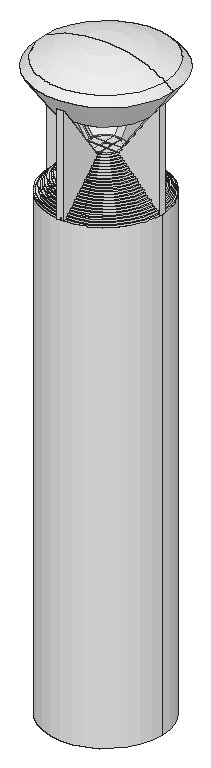
Revit family "GEM1", category Lighting Fixtures, host Face, Revit 2013
Parameters (values of type "GEM1_Performance_Bollard")
  Wattage Comments = "21W to 41W"  # constant formula
  Wattage = 9.2903 W
  built-in parameter 1150110 = 1 (stored number, unit not read)
  Voltage = 120 V
  URL = "www.kimlighting.com/"
  Type Comments = "Lighting Fixture"  # constant formula
  built-in parameter 1114217 = 1 (stored number, unit not read)
  Tilt Angle = 90.00°
  built-in parameter 1150109 = 1 (stored number, unit not read)
  built-in parameter 1150134 = 3
  built-in parameter 1150113 = 1 (stored number, unit not read)
  Shaft Material = Metal-Kim Lighting-Aluminum Alloy
  Shaft Height = Overall Height - 9 1/2"  # 33"
  Series = "Low Level LED Bollard"  # constant formula
  Revision Date = "01/11/17"  # constant formula
  Product Page URL = "http://www.kimlighting.com/products/gem_performance_bollards"
  Product Documentation Link = "http://www.kimlighting.com/content/products/psg/psg_files/kim_gemled_psg.pdf"
  Power Factor = 1  # constant formula
  Photometric Web Link = "http://www.kimlighting.com/products/gem_performance_bollards"
  Photometric Web File = "gem1-18l3k.ies"
  Photometric Notes = "More IES files download on Photometric Web Link"  # constant formula
  Overall Height = 42 1/2"
  OmniClass Title = "Lighting Bollard"  # constant formula
  OmniClass Number = "23.80.70.14.11.11"  # constant formula
  Number of Poles = 1
  Note Visible = yes
  Note Text = "LF"  # constant formula
  Model = "GEM1"  # constant formula
  MasterFormat Title = "Parking Lighting, Roadway Lighting, Site Lighting"  # constant formula
  Manufacturer Phone = "626-968-5666"  # constant formula
  Manufacturer Fax = "626-369-2695"  # constant formula
  Manufacturer = "KIM Lighting"  # constant formula
  built-in parameter 1150105 = 109.82 (stored number, unit not read)
  Lumens = 1380 lm
  built-in parameter 1150115 = 1 (stored number, unit not read)
  Load Classification = Lighting
  built-in parameter 1150137 = (empty or 0)
  built-in parameter 1150139 = (empty or 0)
  built-in parameter 1150112 = 1 (stored number, unit not read)
  built-in parameter 1150114 = 1 (stored number, unit not read)
  Lamp = "LED"  # constant formula
  built-in parameter 1150132 = (empty or 0)
  built-in parameter 1150102 = (empty or 0)
  built-in parameter 1150107 = 3200 (stored number, unit not read)
  built-in parameter 1150138 = (empty or 0)
  built-in parameter 1150106 = 1.0982 (stored number, unit not read)
  Housing material = Metal-Kim Lighting-Aluminum Alloy
  Glass Material = Glass-Kim Lighting-Clear
  Full Load Current = 0 A
  Finish = "All colors shall be a Super TGIC thermoset polyester powder coat paint"
  Emit from Circle Diameter = 6"  # constant formula
  Emit Shape Visible in Rendering = no
  built-in parameter 1150104 = 13.8 (stored number, unit not read)
  Dimming Lamp Color Temperature Shift = <None>
  Description = "Architectural Outdoor Lighting"  # constant formula
  Default Elevation = 0"
  Color Filter = 16777215
  built-in parameter 1114218 = 1 (stored number, unit not read)
  built-in parameter 1150133 = 10 (stored number, unit not read)
  Assembly Code = "D5020200"
  Apparent Load = 0 VA
Reference planes (in)
  plane 1 "Center (Front/Back)": y = 0
  plane 2: z = 0
  plane 3 "Center (Left/Right)": x = 0
  plane 4 "Top of Lamp": z = 42.5
  plane 5 "Top of Shaft": z = 33
  plane 6: z = 39
  plane 7: z = 36
  plane 8: z = 41
  plane 9: z = 41.5
  plane 10 "Left": x = -4.75
  plane 11 "Right": x = 4.75
  plane 12: x = -4
  plane 13: x = 4
  plane 14 "Back": y = 4
  plane 15 "Front": y = -4
  plane 16: z = 39.96678
Forms (in)
  Revolve 1, solid, material "Glass-Kim Lighting-Clear" <- "Glass Material", detail levels medium+fine
    sketch origin (0, 0, 0) x (1, 0, 0) y (0, 0, 1)
      loop
        line (-3.14579, 39) -> (-3.30018, 39) -> (-1.12546, 36) -> (-0.97107, 36) -> (-3.14579, 39)
      axis (0, 39) -> (0, 36)
    angle from 0 to 360
  Revolve 2, solid, material "Metal-Kim Lighting-Aluminum Alloy" <- "Housing material", detail levels medium+fine
    sketch origin (0, 0, 0) x (1, 0, 0) y (0, 0, 1)
      loop
        line (-3.30018, 39) -> (-2.99141, 39) -> (-4.42241, 40.97404) -> (-4.09888, 41.29442)
        arc (-4.09888, 41.29442) -> (-2.10905, 42.0275) -> (0, 42.24827) r 8.54897
        line (0, 42.24827) -> (0, 42.5)
        arc (0, 42.5) -> (-2.18564, 42.2672) -> (-4.24541, 41.5) r 8.79978
        line (-4.24541, 41.5) -> (-4.75, 41) -> (-3.30018, 39)
      axis (0, 42.5) -> (0, 39)
    angle from 0 to 360
  Extrusion 3, solid, material "Metal-Kim Lighting-Aluminum Alloy" <- "Housing material", detail levels fine
    sketch origin (0, 0, 0) x (0, 1, 0) y (0, 0, 1)
      loop
        line (4, 33) -> (4, 39.96678) -> (1.1263, 36) -> (-1.13812, 36) -> (-4, 39.96678) -> (-4, 33) -> (4, 33)
    from -0.25 to 0.25
  Extrusion 4, solid, material "Metal-Kim Lighting-Aluminum Alloy" <- "Housing material", detail levels fine
    sketch origin (0, 0, 0) x (1, 0, 0) y (0, 0, 1)
      loop
        line (-4, 33) -> (4, 33) -> (4, 39.96678) -> (1.12474, 36) -> (-1.12474, 36) -> (-4, 39.96678) -> (-4, 33)
    from -0.25 to 0.25
  Revolve 5, solid, material "Metal-Kim Lighting-Aluminum Alloy" <- "Housing material", detail levels coarse
    sketch origin (0, 0, 0) x (1, 0, 0) y (0, 0, 1)
      loop
        line (-4, 33) -> (0, 33) -> (0, 42.5) -> (-4.75, 41) -> (-1.10293, 36) -> (-4, 33)
      axis (0, 42.5) -> (0, 33)
    angle from 0 to 360
  Revolve 6, solid, material "Metal-Kim Lighting-Aluminum Alloy" <- "Shaft Material"
    sketch origin (0, 0, 0) x (1, 0, 0) y (0, 0, 1)
      loop
        line (-4, 33) -> (-4, 0) -> (0, 0) -> (0, 33) -> (-4, 33)
      axis (0, 33) -> (0, 0)
    angle from 0 to 360
  Sweep 7, solid, material "Metal-Kim Lighting-Aluminum Alloy" <- "Housing material", detail levels medium+fine
    path origin (0, 0, 33) x (0, 1, 0) y (-1, 0, 0)
      loop
        circle (0, 0) r 4
    profile origin (-4, 0, 33) x (1, 0, 0) y (0, 0, 1)
      loop
        line (0, 0) -> (3.75, 0) -> (3.75, 3) -> (2.87454, 3) -> (2.87454, 2.875) -> (2.75, 2.875) -> (2.75, 2.75) -> (2.625, 2.75) -> (2.625, 2.625) -> (2.5, 2.625) -> (2.5, 2.5) -> (2.375, 2.5) -> (2.375, 2.375) -> (2.25, 2.375) -> (2.25, 2.25) -> (2.125, 2.25) -> (2.125, 2.12795) -> (2, 2.12795) -> (2, 2) -> (1.875, 2) -> (1.875, 1.875) -> (1.75, 1.875) -> (1.75, 1.75) -> (1.625, 1.75) -> (1.625, 1.625) -> (1.5, 1.625) -> (1.5, 1.5) -> (1.375, 1.5) -> (1.375, 1.375) -> (1.25, 1.375) -> (1.25, 1.25) -> (1.125, 1.25) -> (1.125, 1.125) -> (1, 1.125) -> (1, 1) -> (0.875, 1) -> (0.875, 0.875) -> (0.75, 0.875) -> (0.75, 0.75) -> (0.625, 0.75) -> (0.625, 0.625) -> (0.5, 0.625) -> (0.5, 0.5) -> (0.375, 0.5) -> (0.375, 0.375) -> (0.25, 0.375) -> (0.25, 0.25) -> (0.125, 0.25) -> (0.125, 0.125) -> (0, 0.125) -> (0, 0)
Lines and regions (in)
  symbolic lines
    curve 1: arc (-4.75, 0, 42.5) -> (0, 4.75, 42.5) -> (4.75, 0, 42.5) r 4.75
    curve 2: arc (4.75, 0, 42.5) -> (0, -4.75, 42.5) -> (-4.75, 0, 42.5) r 4.75
    curve 7: line (-4, 0, 0) -> (-4, 0, 33)
    curve 8: line (-4, 0, 33) -> (4, 0, 33)
    curve 9: line (4, 0, 33) -> (4, 0, 0)
    curve 168: line (0, 4, 0) -> (0, 4, 33)
    curve 169: line (0, -4, 33) -> (0, -4, 0)
    curve 170: line (0, -4, 0) -> (0, 4, 0)
    curve 171: line (-4, 0, 0) -> (4, 0, 0)
    curve 194: line (0, 4, 33) -> (0, -4, 33)
  symbolic lines, detail levels medium+fine
    curve 3: arc (-4.25, 0, 42.5) -> (0, -4.25, 42.5) -> (4.25, 0, 42.5) r 4.25
    curve 4: arc (4.25, 0, 42.5) -> (0, 4.25, 42.5) -> (-4.25, 0, 42.5) r 4.25
    curve 15: line (-4.75, 0, 41) -> (-4.25, 0, 41.5)
    curve 16: arc (-4.25, 0, 41.5) -> (-2.18628, 0, 42.26044) -> (0, 0, 42.5) r 9.03986
    curve 17: line (1.12583, 0, 36) -> (4.75, 0, 41)
    curve 18: line (4.75, 0, 41) -> (4.25, 0, 41.5)
    curve 19: arc (4.25, 0, 41.5) -> (2.18628, 0, 42.26044) -> (0, 0, 42.5) r 9.03986
    curve 20: line (-4, 0, 39.96528) -> (-4, 0, 33)
    curve 21: line (4, 0, 39.96528) -> (4, 0, 33)
    curve 22: line (-0.25, 0, 39.96678) -> (-0.25, 0, 33)
    curve 23: line (-0.25, 0, 39.96678) -> (0.25, 0, 39.96678)
    curve 24: line (0.25, 0, 39.96678) -> (0.25, 0, 33)
    curve 25: line (-1.12583, 0, 36) -> (-4.75, 0, 41)
    curve 26: line (-1.12583, 0, 36) -> (-0.25, 0, 36)
    curve 27: line (0.25, 0, 36) -> (1.12583, 0, 36)
    curve 28: line (-4, 0, 33.125) -> (-3.875, 0, 33.125)
    curve 29: line (-3.875, 0, 33.125) -> (-3.875, 0, 33.25)
    curve 30: line (-3.875, 0, 33.25) -> (-3.74967, 0, 33.25)
    curve 31: line (-3.74967, 0, 33.25) -> (-3.74967, 0, 33.375)
    curve 32: line (-3.74967, 0, 33.375) -> (-3.62467, 0, 33.375)
    curve 33: line (-3.62467, 0, 33.375) -> (-3.62467, 0, 33.5)
    curve 34: line (-3.62467, 0, 33.5) -> (-3.49967, 0, 33.5)
    curve 35: line (-3.49967, 0, 33.5) -> (-3.49967, 0, 33.625)
    curve 36: line (-3.49967, 0, 33.625) -> (-3.37467, 0, 33.625)
    curve 37: line (-3.37467, 0, 33.625) -> (-3.37467, 0, 33.75)
    curve 38: line (-3.37467, 0, 33.75) -> (-3.24967, 0, 33.75)
    curve 39: line (-3.24967, 0, 33.75) -> (-3.24967, 0, 33.875)
    curve 40: line (-3.24967, 0, 33.875) -> (-3.12467, 0, 33.875)
    curve 41: line (-3.12467, 0, 33.875) -> (-3.12467, 0, 34.0013)
    curve 42: line (-3.12467, 0, 34.0013) -> (-3.00017, 0, 34.0013)
    curve 43: line (-3.00017, 0, 34.0013) -> (-3.00017, 0, 34.12817)
    curve 44: line (-3.00017, 0, 34.12817) -> (-2.8733, 0, 34.12817)
    curve 45: line (-2.8733, 0, 34.12817) -> (-2.8733, 0, 34.25202)
    curve 46: line (-2.8733, 0, 34.25202) -> (-2.74946, 0, 34.25202)
    curve 47: line (-2.74946, 0, 34.25202) -> (-2.74946, 0, 34.37737)
    curve 48: line (-2.74946, 0, 34.37737) -> (-2.62561, 0, 34.37737)
    curve 49: line (-2.62561, 0, 34.37737) -> (-2.62561, 0, 34.50273)
    curve 50: line (-2.62561, 0, 34.50273) -> (-2.49875, 0, 34.50273)
    curve 51: line (-2.49875, 0, 34.50273) -> (-2.49875, 0, 34.62959)
    curve 52: line (-2.49875, 0, 34.62959) -> (-2.37339, 0, 34.62959)
    curve 53: line (-2.37339, 0, 34.62959) -> (-2.37339, 0, 34.75646)
    curve 54: line (-2.37339, 0, 34.75646) -> (-2.24804, 0, 34.75646)
    curve 55: line (-2.24804, 0, 34.75646) -> (-2.24804, 0, 34.8803)
    curve 56: line (-2.24804, 0, 34.8803) -> (-2.12268, 0, 34.8803)
    curve 57: line (-2.12268, 0, 34.8803) -> (-2.12268, 0, 35.00415)
    curve 58: line (-2.12268, 0, 35.00415) -> (-1.99884, 0, 35.00415)
    curve 59: line (-1.99884, 0, 35.00415) -> (-1.99884, 0, 35.13056)
    curve 60: line (-1.99884, 0, 35.13056) -> (-1.87519, 0, 35.13056)
    curve 61: line (-1.87519, 0, 35.13056) -> (-1.87519, 0, 35.25591)
    curve 62: line (-1.87519, 0, 35.25591) -> (-1.74983, 0, 35.25591)
    curve 63: line (-1.74983, 0, 35.25591) -> (-1.74983, 0, 35.38278)
    curve 64: line (-1.74983, 0, 35.38278) -> (-1.62297, 0, 35.38278)
    curve 65: line (-1.62297, 0, 35.38278) -> (-1.62297, 0, 35.50662)
    curve 66: line (-1.62297, 0, 35.50662) -> (-1.4961, 0, 35.50662)
    curve 67: line (-1.4961, 0, 35.50662) -> (-1.4961, 0, 35.63349)
    curve 68: line (-1.4961, 0, 35.63349) -> (-1.37225, 0, 35.63349)
    curve 69: line (-1.37225, 0, 35.63349) -> (-1.37225, 0, 35.75884)
    curve 70: line (-1.37225, 0, 35.75884) -> (-1.2469, 0, 35.75884)
    curve 71: line (-1.2469, 0, 35.75884) -> (-1.2469, 0, 35.88571)
    curve 72: line (-1.2469, 0, 35.88571) -> (-1.12003, 0, 35.88571)
    curve 73: line (-1.12003, 0, 35.88571) -> (-1.12003, 0, 36)
    curve 74: line (4, 0, 33.125) -> (3.875, 0, 33.125)
    curve 75: line (3.875, 0, 33.125) -> (3.875, 0, 33.25)
    curve 76: line (3.875, 0, 33.25) -> (3.74967, 0, 33.25)
    curve 77: line (3.74967, 0, 33.25) -> (3.74967, 0, 33.375)
    curve 78: line (3.74967, 0, 33.375) -> (3.62467, 0, 33.375)
    curve 79: line (3.62467, 0, 33.375) -> (3.62467, 0, 33.5)
    curve 80: line (3.62467, 0, 33.5) -> (3.49967, 0, 33.5)
    curve 81: line (3.49967, 0, 33.5) -> (3.49967, 0, 33.625)
    curve 82: line (3.49967, 0, 33.625) -> (3.37467, 0, 33.625)
    curve 83: line (3.37467, 0, 33.625) -> (3.37467, 0, 33.75)
    curve 84: line (3.37467, 0, 33.75) -> (3.24967, 0, 33.75)
    curve 85: line (3.24967, 0, 33.75) -> (3.24967, 0, 33.875)
    curve 86: line (3.24967, 0, 33.875) -> (3.12467, 0, 33.875)
    curve 87: line (3.12467, 0, 33.875) -> (3.12467, 0, 34.0013)
    curve 88: line (3.12467, 0, 34.0013) -> (3.00017, 0, 34.0013)
    curve 89: line (3.00017, 0, 34.0013) -> (3.00017, 0, 34.12817)
    curve 90: line (3.00017, 0, 34.12817) -> (2.8733, 0, 34.12817)
    curve 91: line (2.8733, 0, 34.12817) -> (2.8733, 0, 34.25202)
    curve 92: line (2.8733, 0, 34.25202) -> (2.74946, 0, 34.25202)
    curve 93: line (2.74946, 0, 34.25202) -> (2.74946, 0, 34.37737)
    curve 94: line (2.74946, 0, 34.37737) -> (2.62561, 0, 34.37737)
    curve 95: line (2.62561, 0, 34.37737) -> (2.62561, 0, 34.50273)
    curve 96: line (2.62561, 0, 34.50273) -> (2.49875, 0, 34.50273)
    curve 97: line (2.49875, 0, 34.50273) -> (2.49875, 0, 34.62959)
    curve 98: line (2.49875, 0, 34.62959) -> (2.37339, 0, 34.62959)
    curve 99: line (2.37339, 0, 34.62959) -> (2.37339, 0, 34.75646)
    curve 100: line (2.37339, 0, 34.75646) -> (2.24804, 0, 34.75646)
    curve 101: line (2.24804, 0, 34.75646) -> (2.24804, 0, 34.8803)
    curve 102: line (2.24804, 0, 34.8803) -> (2.12268, 0, 34.8803)
    curve 103: line (2.12268, 0, 34.8803) -> (2.12268, 0, 35.00415)
    curve 104: line (2.12268, 0, 35.00415) -> (1.99884, 0, 35.00415)
    curve 105: line (1.99884, 0, 35.00415) -> (1.99884, 0, 35.13056)
    curve 106: line (1.99884, 0, 35.13056) -> (1.87519, 0, 35.13056)
    curve 107: line (1.87519, 0, 35.13056) -> (1.87519, 0, 35.25591)
    curve 108: line (1.87519, 0, 35.25591) -> (1.74983, 0, 35.25591)
    curve 109: line (1.74983, 0, 35.25591) -> (1.74983, 0, 35.38278)
    curve 110: line (1.74983, 0, 35.38278) -> (1.62297, 0, 35.38278)
    curve 111: line (1.62297, 0, 35.38278) -> (1.62297, 0, 35.50662)
    curve 112: line (1.62297, 0, 35.50662) -> (1.4961, 0, 35.50662)
    curve 113: line (1.4961, 0, 35.50662) -> (1.4961, 0, 35.63349)
    curve 114: line (1.4961, 0, 35.63349) -> (1.37225, 0, 35.63349)
    curve 115: line (1.37225, 0, 35.63349) -> (1.37225, 0, 35.75884)
    curve 116: line (1.37225, 0, 35.75884) -> (1.2469, 0, 35.75884)
    curve 117: line (1.2469, 0, 35.75884) -> (1.2469, 0, 35.88571)
    curve 118: line (1.2469, 0, 35.88571) -> (1.12003, 0, 35.88571)
    curve 119: line (1.12003, 0, 35.88571) -> (1.12003, 0, 36)
    curve 179: line (0, 1.12496, 36) -> (0, 4.75, 41)
    curve 180: line (0, 4.75, 41) -> (0, 4.25, 41.5)
    curve 181: arc (0, 4.25, 41.5) -> (0, 2.188, 42.26777) -> (0, 0, 42.5) r 8.79971
    curve 182: line (0, -1.12496, 36) -> (0, -4.75, 41)
    curve 183: line (0, -4.75, 41) -> (0, -4.25, 41.5)
    curve 184: arc (0, -4.25, 41.5) -> (0, -2.188, 42.26777) -> (0, 0, 42.5) r 8.79971
    curve 185: line (0, 4, 39.96553) -> (0, 4, 33)
    curve 186: line (0, -4, 39.96553) -> (0, -4, 33)
    curve 187: line (0, 0.25, 40) -> (0, 0.25, 33)
    curve 188: line (0, 0.25, 40) -> (0, -0.25, 40)
    curve 189: line (0, -0.25, 40) -> (0, -0.25, 33)
    curve 195: line (0, 1.12496, 36) -> (0, 0.25, 36)
    curve 196: line (0, -0.25, 36) -> (0, -1.12496, 36)
    curve 243: line (0, 3.875, 33.25) -> (0, 3.875, 33.125)
    curve 244: line (0, 3.75, 33.375) -> (0, 3.75, 33.25)
    curve 245: line (0, 3.625, 33.5) -> (0, 3.625, 33.375)
    curve 246: line (0, 3.5, 33.625) -> (0, 3.5, 33.5)
    curve 247: line (0, 3.375, 33.75) -> (0, 3.375, 33.625)
    curve 248: line (0, 3.25, 33.875) -> (0, 3.25, 33.75)
    curve 249: line (0, 3.125, 34) -> (0, 3.125, 33.875)
    curve 250: line (0, 3, 34.125) -> (0, 3, 34)
    curve 251: line (0, 2.875, 34.25) -> (0, 2.875, 34.125)
    curve 252: line (0, 2.75, 34.375) -> (0, 2.75, 34.25)
    curve 253: line (0, 2.625, 34.5) -> (0, 2.625, 34.375)
    curve 254: line (0, 2.5, 34.625) -> (0, 2.5, 34.5)
    curve 255: line (0, 2.375, 34.75) -> (0, 2.375, 34.625)
    curve 256: line (0, 2.25, 34.875) -> (0, 2.25, 34.75)
    curve 257: line (0, 2.125, 35) -> (0, 2.125, 34.875)
    curve 258: line (0, 2, 35.12795) -> (0, 2, 35)
    curve 259: line (0, 1.875, 35.25) -> (0, 1.875, 35.12795)
    curve 260: line (0, 1.75, 35.375) -> (0, 1.75, 35.25)
    curve 261: line (0, 1.625, 35.5) -> (0, 1.625, 35.375)
    curve 262: line (0, 1.5, 35.625) -> (0, 1.5, 35.5)
    curve 263: line (0, 1.375, 35.75) -> (0, 1.375, 35.625)
    curve 264: line (0, 1.25, 35.875) -> (0, 1.25, 35.75)
    curve 265: line (0, 1.12496, 36) -> (0, 1.12496, 35.875)
    curve 289: line (0, -3.875, 33.25) -> (0, -3.875, 33.125)
    curve 290: line (0, -3.75, 33.375) -> (0, -3.75, 33.25)
    curve 291: line (0, -3.625, 33.5) -> (0, -3.625, 33.375)
    curve 292: line (0, -3.5, 33.625) -> (0, -3.5, 33.5)
    curve 293: line (0, -3.375, 33.75) -> (0, -3.375, 33.625)
    curve 294: line (0, -3.25, 33.875) -> (0, -3.25, 33.75)
    curve 295: line (0, -3.125, 34) -> (0, -3.125, 33.875)
    curve 296: line (0, -3, 34.125) -> (0, -3, 34)
    curve 297: line (0, -2.875, 34.25) -> (0, -2.875, 34.125)
    curve 298: line (0, -2.75, 34.375) -> (0, -2.75, 34.25)
    curve 299: line (0, -2.625, 34.5) -> (0, -2.625, 34.375)
    curve 300: line (0, -2.5, 34.625) -> (0, -2.5, 34.5)
    curve 301: line (0, -2.375, 34.75) -> (0, -2.375, 34.625)
    curve 302: line (0, -2.25, 34.875) -> (0, -2.25, 34.75)
    curve 303: line (0, -2.125, 35) -> (0, -2.125, 34.875)
    curve 304: line (0, -2, 35.12795) -> (0, -2, 35)
    curve 305: line (0, -1.875, 35.25) -> (0, -1.875, 35.12795)
    curve 306: line (0, -1.75, 35.375) -> (0, -1.75, 35.25)
    curve 307: line (0, -1.625, 35.5) -> (0, -1.625, 35.375)
    curve 308: line (0, -1.5, 35.625) -> (0, -1.5, 35.5)
    curve 309: line (0, -1.375, 35.75) -> (0, -1.375, 35.625)
    curve 310: line (0, -1.25, 35.875) -> (0, -1.25, 35.75)
    curve 311: line (0, -1.12496, 36) -> (0, -1.12496, 35.875)
  symbolic lines, detail levels coarse
    curve 5: line (3.35876, -3.35876, 42.5) -> (-3.35876, 3.35876, 42.5)
    curve 6: line (-3.35876, -3.35876, 42.5) -> (3.35876, 3.35876, 42.5)
    curve 10: line (-4, 0, 33) -> (-4, 0, 42.5)
    curve 11: line (-4, 0, 42.5) -> (4, 0, 42.5)
    curve 12: line (4, 0, 42.5) -> (4, 0, 33)
    curve 13: line (-4, 0, 42.5) -> (4, 0, 33)
    curve 14: line (-4, 0, 33) -> (4, 0, 42.5)
    curve 174: line (0, 4, 33) -> (0, 4, 42.5)
    curve 175: line (0, 4, 42.5) -> (0, -4, 42.5)
    curve 176: line (0, -4, 42.5) -> (0, -4, 33)
    curve 177: line (0, 4, 42.5) -> (0, -4, 33)
    curve 178: line (0, -4, 42.5) -> (0, 4, 33)
  symbolic lines, detail levels fine
    curve 120: line (-4.25, 0, 41.5) -> (4.25, 0, 41.5)
    curve 121: line (-4.75, 0, 41) -> (4.75, 0, 41)
    curve 122: line (-1.12003, 0, 35.88571) -> (-0.25, 0, 35.88571)
    curve 123: line (-1.2469, 0, 35.75884) -> (-0.25, 0, 35.75884)
    curve 124: line (-1.37225, 0, 35.63349) -> (-0.25, 0, 35.63349)
    curve 125: line (-1.4961, 0, 35.50662) -> (-0.25, 0, 35.50662)
    curve 126: line (-1.62297, 0, 35.38278) -> (-0.25, 0, 35.38278)
    curve 127: line (-1.74983, 0, 35.25591) -> (-0.25, 0, 35.25591)
    curve 128: line (-1.87519, 0, 35.13056) -> (-0.25, 0, 35.13056)
    curve 129: line (-1.99884, 0, 35.00415) -> (-0.25, 0, 35.00415)
    curve 130: line (-2.12268, 0, 34.8803) -> (-0.25, 0, 34.8803)
    curve 131: line (-2.24804, 0, 34.75646) -> (-0.25, 0, 34.75646)
    curve 132: line (-2.37339, 0, 34.62959) -> (-0.25, 0, 34.62959)
    curve 133: line (-2.49875, 0, 34.50273) -> (-0.25, 0, 34.50273)
    curve 134: line (-2.62561, 0, 34.37737) -> (-0.25, 0, 34.37737)
    curve 135: line (-2.74946, 0, 34.25202) -> (-0.25, 0, 34.25202)
    curve 136: line (-2.8733, 0, 34.12817) -> (-0.25, 0, 34.12817)
    curve 137: line (-3.00017, 0, 34.0013) -> (-0.25, 0, 34.0013)
    curve 138: line (-3.12467, 0, 33.875) -> (-0.25, 0, 33.875)
    curve 139: line (-3.24967, 0, 33.75) -> (-0.25, 0, 33.75)
    curve 140: line (-3.37467, 0, 33.625) -> (-0.25, 0, 33.625)
    curve 141: line (-3.49967, 0, 33.5) -> (-0.25, 0, 33.5)
    curve 142: line (-3.62467, 0, 33.375) -> (-0.25, 0, 33.375)
    curve 143: line (-3.74967, 0, 33.25) -> (-0.25, 0, 33.25)
    curve 144: line (-3.875, 0, 33.125) -> (-0.25, 0, 33.125)
    curve 145: line (1.12003, 0, 35.88571) -> (0.25, 0, 35.88571)
    curve 146: line (1.2469, 0, 35.75884) -> (0.25, 0, 35.75884)
    curve 147: line (1.37225, 0, 35.63349) -> (0.25, 0, 35.63349)
    curve 148: line (1.4961, 0, 35.50662) -> (0.25, 0, 35.50662)
    curve 149: line (1.62297, 0, 35.38278) -> (0.25, 0, 35.38278)
    curve 150: line (1.74983, 0, 35.25591) -> (0.25, 0, 35.25591)
    curve 151: line (1.87519, 0, 35.13056) -> (0.25, 0, 35.13056)
    curve 152: line (1.99884, 0, 35.00415) -> (0.25, 0, 35.00415)
    curve 153: line (2.12268, 0, 34.8803) -> (0.25, 0, 34.8803)
    curve 154: line (2.24804, 0, 34.75646) -> (0.25, 0, 34.75646)
    curve 155: line (2.37339, 0, 34.62959) -> (0.25, 0, 34.62959)
    curve 156: line (2.49875, 0, 34.50273) -> (0.25, 0, 34.50273)
    curve 157: line (2.62561, 0, 34.37737) -> (0.25, 0, 34.37737)
    curve 158: line (2.74946, 0, 34.25202) -> (0.25, 0, 34.25202)
    curve 159: line (2.8733, 0, 34.12817) -> (0.25, 0, 34.12817)
    curve 160: line (3.00017, 0, 34.0013) -> (0.25, 0, 34.0013)
    curve 161: line (3.12467, 0, 33.875) -> (0.25, 0, 33.875)
    curve 162: line (3.24967, 0, 33.75) -> (0.25, 0, 33.75)
    curve 163: line (3.37467, 0, 33.625) -> (0.25, 0, 33.625)
    curve 164: line (3.49967, 0, 33.5) -> (0.25, 0, 33.5)
    curve 165: line (3.62467, 0, 33.375) -> (0.25, 0, 33.375)
    curve 166: line (3.74967, 0, 33.25) -> (0.25, 0, 33.25)
    curve 167: line (3.875, 0, 33.125) -> (0.25, 0, 33.125)
    curve 172: line (-3.30033, 0, 39) -> (-0.25, 0, 39)
    curve 173: line (0.25, 0, 39) -> (3.30033, 0, 39)
    curve 190: line (0, 4.25, 41.5) -> (0, -4.25, 41.5)
    curve 191: line (0, 4.75, 41) -> (0, -4.75, 41)
    curve 192: line (0, 3.29999, 39) -> (0, 0.25, 39)
    curve 193: line (0, -0.25, 39) -> (0, -3.29999, 39)
    curve 197: line (0, 0.25, 33.125) -> (0, 4, 33.125)
    curve 198: line (0, 0.25, 33.25) -> (0, 3.875, 33.25)
    curve 199: line (0, 0.25, 33.375) -> (0, 3.75, 33.375)
    curve 200: line (0, 0.25, 33.5) -> (0, 3.625, 33.5)
    curve 201: line (0, 0.25, 33.625) -> (0, 3.5, 33.625)
    curve 202: line (0, 0.25, 33.75) -> (0, 3.375, 33.75)
    curve 203: line (0, 0.25, 33.875) -> (0, 3.25, 33.875)
    curve 204: line (0, 0.25, 34) -> (0, 3.125, 34)
    curve 205: line (0, 0.25, 34.125) -> (0, 3, 34.125)
    curve 206: line (0, 0.25, 34.25) -> (0, 2.875, 34.25)
    curve 207: line (0, 0.25, 34.375) -> (0, 2.75, 34.375)
    curve 208: line (0, 0.25, 34.5) -> (0, 2.625, 34.5)
    curve 209: line (0, 0.25, 34.625) -> (0, 2.5, 34.625)
    curve 210: line (0, 0.25, 34.75) -> (0, 2.375, 34.75)
    curve 211: line (0, 0.25, 34.875) -> (0, 2.25, 34.875)
    curve 212: line (0, 0.25, 35) -> (0, 2.125, 35)
    curve 213: line (0, 0.25, 35.12795) -> (0, 2, 35.12795)
    curve 214: line (0, 0.25, 35.25) -> (0, 1.875, 35.25)
    curve 215: line (0, 0.25, 35.375) -> (0, 1.75, 35.375)
    curve 216: line (0, 0.25, 35.625) -> (0, 1.5, 35.625)
    curve 217: line (0, 0.25, 35.5) -> (0, 1.625, 35.5)
    curve 218: line (0, 0.25, 35.75) -> (0, 1.375, 35.75)
    curve 219: line (0, 0.25, 35.875) -> (0, 1.25, 35.875)
    curve 220: line (0, -4, 33.125) -> (0, -0.25, 33.125)
    curve 221: line (0, -3.875, 33.25) -> (0, -0.25, 33.25)
    curve 222: line (0, -3.75, 33.375) -> (0, -0.25, 33.375)
    curve 223: line (0, -3.625, 33.5) -> (0, -0.25, 33.5)
    curve 224: line (0, -3.5, 33.625) -> (0, -0.25, 33.625)
    curve 225: line (0, -3.36842, 33.75) -> (0, -0.25, 33.75)
    curve 226: line (0, -3.26316, 33.875) -> (0, -0.25, 33.875)
    curve 227: line (0, -3.125, 34) -> (0, -0.25, 34)
    curve 228: line (0, -3, 34.125) -> (0, -0.25, 34.125)
    curve 229: line (0, -2.875, 34.25) -> (0, -0.25, 34.25)
    curve 230: line (0, -2.75, 34.375) -> (0, -0.25, 34.375)
    curve 231: line (0, -2.625, 34.5) -> (0, -0.25, 34.5)
    curve 232: line (0, -2.5, 34.625) -> (0, -0.25, 34.625)
    curve 233: line (0, -2.375, 34.75) -> (0, -0.25, 34.75)
    curve 234: line (0, -2.25, 34.875) -> (0, -0.25, 34.875)
    curve 235: line (0, -2.125, 35) -> (0, -0.25, 35)
    curve 236: line (0, -2, 35.12795) -> (0, -0.25, 35.12795)
    curve 237: line (0, -1.875, 35.25) -> (0, -0.25, 35.25)
    curve 238: line (0, -1.75, 35.375) -> (0, -0.25, 35.375)
    curve 239: line (0, -1.625, 35.5) -> (0, -0.25, 35.5)
    curve 240: line (0, -1.5, 35.625) -> (0, -0.25, 35.625)
    curve 241: line (0, -1.375, 35.75) -> (0, -0.25, 35.75)
    curve 242: line (0, -1.25, 35.875) -> (0, -0.25, 35.875)
  symbolic lines, detail levels medium
    curve 266: line (0, 1.12496, 35.875) -> (0, 1.25, 35.875)
    curve 267: line (0, 1.25, 35.75) -> (0, 1.375, 35.75)
    curve 268: line (0, 1.375, 35.625) -> (0, 1.5, 35.625)
    curve 269: line (0, 1.5, 35.5) -> (0, 1.625, 35.5)
    curve 270: line (0, 1.625, 35.375) -> (0, 1.75, 35.375)
    curve 271: line (0, 1.75, 35.25) -> (0, 1.875, 35.25)
    curve 272: line (0, 1.875, 35.12795) -> (0, 2, 35.12795)
    curve 273: line (0, 2, 35) -> (0, 2.125, 35)
    curve 274: line (0, 2.125, 34.875) -> (0, 2.25, 34.875)
    curve 275: line (0, 2.25, 34.75) -> (0, 2.375, 34.75)
    curve 276: line (0, 2.375, 34.625) -> (0, 2.5, 34.625)
    curve 277: line (0, 2.5, 34.5) -> (0, 2.625, 34.5)
    curve 278: line (0, 2.625, 34.375) -> (0, 2.75, 34.375)
    curve 279: line (0, 3, 34) -> (0, 3.125, 34)
    curve 280: line (0, 3.125, 33.875) -> (0, 3.25, 33.875)
    curve 281: line (0, 3.375, 33.625) -> (0, 3.5, 33.625)
    curve 282: line (0, 3.25, 33.75) -> (0, 3.375, 33.75)
    curve 283: line (0, 3.5, 33.5) -> (0, 3.625, 33.5)
    curve 284: line (0, 3.75, 33.25) -> (0, 3.875, 33.25)
    curve 285: line (0, 3.875, 33.125) -> (0, 4, 33.125)
    curve 286: line (0, 3.625, 33.375) -> (0, 3.75, 33.375)
    curve 287: line (0, 2.875, 34.125) -> (0, 3, 34.125)
    curve 288: line (0, 2.75, 34.25) -> (0, 2.875, 34.25)
    curve 312: line (0, -1.12496, 35.875) -> (0, -1.25, 35.875)
    curve 313: line (0, -1.25, 35.75) -> (0, -1.375, 35.75)
    curve 314: line (0, -1.375, 35.625) -> (0, -1.5, 35.625)
    curve 315: line (0, -1.5, 35.5) -> (0, -1.625, 35.5)
    curve 316: line (0, -1.625, 35.375) -> (0, -1.75, 35.375)
    curve 317: line (0, -1.75, 35.25) -> (0, -1.875, 35.25)
    curve 318: line (0, -1.875, 35.12795) -> (0, -2, 35.12795)
    curve 319: line (0, -2, 35) -> (0, -2.125, 35)
    curve 320: line (0, -2.125, 34.875) -> (0, -2.25, 34.875)
    curve 321: line (0, -2.25, 34.75) -> (0, -2.375, 34.75)
    curve 322: line (0, -2.375, 34.625) -> (0, -2.5, 34.625)
    curve 323: line (0, -2.5, 34.5) -> (0, -2.625, 34.5)
    curve 324: line (0, -2.625, 34.375) -> (0, -2.75, 34.375)
    curve 325: line (0, -3, 34) -> (0, -3.125, 34)
    curve 326: line (0, -3.125, 33.875) -> (0, -3.25, 33.875)
    curve 327: line (0, -3.375, 33.625) -> (0, -3.5, 33.625)
    curve 328: line (0, -3.25, 33.75) -> (0, -3.375, 33.75)
    curve 329: line (0, -3.5, 33.5) -> (0, -3.625, 33.5)
    curve 330: line (0, -3.75, 33.25) -> (0, -3.875, 33.25)
    curve 331: line (0, -3.875, 33.125) -> (0, -4, 33.125)
    curve 332: line (0, -3.625, 33.375) -> (0, -3.75, 33.375)
    curve 333: line (0, -2.875, 34.125) -> (0, -3, 34.125)
    curve 334: line (0, -2.75, 34.25) -> (0, -2.875, 34.25)
Dimensions and locks (in)
  equal spacing: plane 10 "Left", plane 3 "Center (Left/Right)", plane 11 "Right"
  locked: plane 10 "Left" to plane 11 "Right" at 9.5
  locked: plane 7 to plane 5 "Top of Shaft" at 3
  locked: plane 6 to plane 5 "Top of Shaft" at 6
  locked: plane 4 "Top of Lamp" to plane 5 "Top of Shaft" at 9.5
  locked: plane 8 to plane 5 "Top of Shaft" at 8
  locked: plane 9 to plane 5 "Top of Shaft" at 8.5
  "Shaft Height": plane 5 "Top of Shaft" to plane 2
  equal spacing: plane 12, plane 3 "Center (Left/Right)", plane 13
  locked: plane 12 to plane 13 at 8
  locked: plane 14 "Back" to plane 15 "Front" at 8
  equal spacing: plane 14 "Back", plane 1 "Center (Front/Back)", plane 15 "Front"
  locked: plane 16 to plane 5 "Top of Shaft" at 6.96678
  aligned and locked: plane 2 to host face
  aligned and locked: level to host face
  aligned and locked: Revolve 1 sketch curve to plane 3 "Center (Left/Right)"
  aligned and locked: imposter light to Revolve 2 sketch curve  (x2)
  aligned and locked: Revolve 2 sketch curve to plane 3 "Center (Left/Right)"
  aligned and locked: plane 11 "Right" to Revolve 2
  aligned and locked: curve 1 to Revolve 2
  aligned and locked: imposter light to Revolve 5 sketch curve
  aligned and locked: plane 5 "Top of Shaft" to Revolve 5 sketch curve  (x2)
  aligned and locked: Revolve 5 sketch curve to plane 3 "Center (Left/Right)"
  aligned and locked: plane 3 "Center (Left/Right)" to nested 1
  aligned and locked: Extrusion 4 to Revolve 6 sketch curve
  aligned and locked: host face to Revolve 6 sketch curve
  aligned and locked: Revolve 6 sketch curve to plane 3 "Center (Left/Right)"  (x2)
  aligned and locked: plane 8 to Revolve 2 sketch curve
  aligned and locked: plane 9 to Revolve 2 sketch curve
  aligned and locked: plane 7 to Revolve 5 sketch curve
  aligned and locked: plane 8 to Revolve 5 sketch curve
  aligned and locked: plane 4 "Top of Lamp" to Revolve 5 sketch curve
  aligned and locked: plane 10 "Left" to Revolve 2 sketch curve
  aligned and locked: plane 4 "Top of Lamp" to Revolve 2 sketch curve
  aligned and locked: Revolve 1 sketch curve to plane 7
  aligned and locked: plane 6 to Revolve 1 sketch curve
  aligned and locked: Revolve 2 sketch curve to plane 6
  aligned and locked: plane 12 to Extrusion 4
  aligned and locked: Extrusion 4 to plane 13
  aligned and locked: plane 14 "Back" to Extrusion 3
  aligned and locked: Extrusion 3 to plane 15 "Front"
  aligned and locked: curve 7 to plane 12
  aligned and locked: plane 13 to curve 9
  aligned and locked: curve 8 to plane 5 "Top of Shaft"
  aligned and locked: plane 13 to curve 12
  aligned and locked: curve 11 to plane 4 "Top of Lamp"
  aligned and locked: curve 10 to plane 12
  aligned and locked: plane 4 "Top of Lamp" to curve 16
  aligned and locked: plane 12 to curve 20
  aligned and locked: plane 13 to curve 21
  aligned and locked: Extrusion 3 to curve 22
  aligned and locked: curve 24 to Extrusion 3
  aligned and locked: curve 26 to plane 7
  aligned and locked: plane 7 to curve 27
  aligned and locked: plane 8 to curve 18
  aligned and locked: plane 9 to curve 18
  aligned and locked: plane 7 to curve 73
  aligned and locked: plane 12 to curve 28
  aligned and locked: curve 120 to Revolve 2
  aligned and locked: curve 121 to Revolve 2
  aligned and locked: curve 70 to curve 123
  aligned and locked: curve 68 to curve 124
  aligned and locked: plane 2 to curve 170
  aligned and locked: curve 168 to plane 14 "Back"
  aligned and locked: plane 15 "Front" to curve 169
  aligned and locked: curve 172 to plane 6
  aligned and locked: curve 173 to plane 6
  aligned and locked: curve 175 to plane 4 "Top of Lamp"
  aligned and locked: plane 15 "Front" to curve 186
  aligned and locked: curve 174 to plane 14 "Back"
  aligned and locked: plane 15 "Front" to curve 176
  aligned and locked: plane 14 "Back" to curve 185
  aligned and locked: plane 4 "Top of Lamp" to curve 181
  aligned and locked: plane 9 to curve 190  (x2)
  aligned and locked: plane 8 to curve 191
  aligned and locked: plane 8 to curve 183
  aligned and locked: curve 189 to Extrusion 4
  aligned and locked: curve 187 to Extrusion 4
  aligned and locked: plane 6 to curve 192
  aligned and locked: plane 6 to curve 193
  aligned and locked: Revolve 6 to plane 5 "Top of Shaft"  (x2)
  aligned and locked: plane 7 to curve 195
  aligned and locked: plane 5 "Top of Shaft" to Extrusion 3
  aligned and locked: plane 6 to Revolve 2
  aligned and locked: plane 16 to Extrusion 4 sketch curve  (x2)
  aligned and locked: plane 7 to Extrusion 4 sketch curve
  aligned and locked: plane 13 to Extrusion 4 sketch curve
  aligned and locked: plane 12 to Extrusion 4 sketch curve
  aligned and locked: plane 16 to Extrusion 3 sketch curve  (x2)
  aligned and locked: Extrusion 3 sketch curve to plane 7
  aligned and locked: plane 15 "Front" to Extrusion 3 sketch curve
  aligned and locked: plane 1 "Center (Front/Back)" to Sweep 7 sketch curve
  aligned and locked: plane 3 "Center (Left/Right)" to Sweep 7 sketch curve
  aligned and locked: plane 5 "Top of Shaft" to Sweep 7 sketch curve
  aligned and locked: Sweep 7 sketch curve to plane 7
  aligned and locked: imposter light to plane 16
  aligned and locked: plane 1 "Center (Front/Back)" to imposter light
  aligned and locked: imposter light to plane 3 "Center (Left/Right)"
Automatic sketch dimensions
  host sketch curve to host sketch curve = 96"  (x2)
  plane 10 "Left" to curve 25 = 0"
  plane 11 "Right" to curve 18 = 0"
  curve 7 to level = 0"
  curve 22 to plane 16 = 0"
  curve 16 to plane 3 "Center (Left/Right)" = 0"
  curve 19 to plane 3 "Center (Left/Right)" = 0"
  curve 119 to plane 7 = 0"
  plane 12 to curve 120 = 1/4"
  curve 28 to curve 29 = 1/8"
  curve 29 to curve 32 = 0.12533"
  curve 31 to curve 142 = 1/8"
  curve 33 to curve 34 = 1/8"
  curve 35 to curve 36 = 1/8"
  curve 37 to curve 139 = 1/8"
  curve 39 to curve 138 = 1/8"
  curve 41 to curve 42 = 0.12451"
  curve 43 to curve 45 = 0.12687"
  curve 45 to curve 47 = 0.12385"
  curve 47 to curve 48 = 0.12385"
  curve 49 to curve 50 = 0.12687"
  curve 51 to curve 54 = 0.12536"
  curve 53 to curve 56 = 0.12536"
  curve 55 to curve 56 = 0.12536"
  curve 57 to curve 59 = 0.12385"
  curve 59 to curve 128 = 0.12365"
  curve 61 to curve 62 = 0.12536"
  curve 63 to curve 66 = 0.12687"
  curve 65 to curve 68 = 0.12687"
  curve 67 to curve 69 = 0.12385"
  curve 69 to curve 70 = 0.12536"
  curve 71 to curve 25 = 0.12107"
  curve 25 to curve 73 = 0.0058"
  curve 118 to plane 7 = 0.11429"
  curve 145 to curve 118 = 0.87003"
  curve 119 to curve 17 = 0.0058"
  curve 118 to curve 117 = 0.12687"
  curve 116 to curve 114 = 0.12536"
  curve 114 to curve 113 = 0.12385"
  curve 112 to curve 112 = 0.12687"
  curve 110 to curve 108 = 0.12687"
  curve 108 to curve 107 = 0.12536"
  curve 106 to curve 152 = 0.12365"
  curve 104 to curve 103 = 0.12385"
  curve 102 to curve 101 = 0.12536"
  curve 100 to curve 98 = 0.12536"
  curve 98 to curve 96 = 0.12536"
  curve 96 to curve 95 = 0.12687"
  curve 94 to curve 94 = 0.12385"
  curve 92 to curve 91 = 0.12385"
  curve 90 to curve 88 = 0.12687"
  curve 88 to curve 88 = 0.12451"
  curve 86 to curve 85 = 1/8"
  curve 84 to curve 82 = 1/8"
  curve 82 to curve 81 = 1/8"
  curve 80 to curve 165 = 1/8"
  curve 78 to curve 166 = 1/8"
  plane 13 to curve 76 = 1/8"
  curve 120 to plane 13 = 1/4"
  curve 16 to plane 3 "Center (Left/Right)" = 0.1158"
  plane 3 "Center (Left/Right)" to curve 19 = 0.1158"
  plane 5 "Top of Shaft" to curve 28 = 1/8"
  plane 5 "Top of Shaft" to curve 75 = 1/8"
  curve 74 to curve 166 = 1/8"
  curve 28 to curve 143 = 1/8"
  curve 76 to curve 79 = 1/8"
  curve 30 to curve 33 = 1/8"
  curve 32 to curve 33 = 1/8"
  curve 78 to curve 81 = 1/8"
  curve 34 to curve 36 = 1/8"
  curve 80 to curve 82 = 1/8"
  curve 82 to curve 162 = 1/8"
  curve 36 to curve 139 = 1/8"
  curve 38 to curve 41 = 1/8"
  curve 84 to curve 85 = 1/8"
  curve 86 to curve 88 = 0.1263"
  curve 40 to curve 137 = 0.1263"
  curve 42 to curve 45 = 0.12687"
  curve 88 to curve 159 = 0.12687"
  curve 90 to curve 92 = 0.12385"
  curve 44 to curve 135 = 0.12385"
  curve 92 to curve 94 = 0.12536"
  curve 46 to curve 134 = 0.12536"
  curve 94 to curve 97 = 0.12536"
  curve 48 to curve 51 = 0.12536"
  curve 50 to curve 53 = 0.12687"
  curve 96 to curve 98 = 0.12687"
  curve 52 to curve 131 = 0.12687"
  curve 98 to curve 154 = 0.12687"
  curve 100 to curve 153 = 0.12385"
  curve 54 to curve 130 = 0.12385"
  curve 102 to curve 104 = 0.12385"
  curve 56 to curve 129 = 0.12385"
  curve 104 to curve 107 = 0.12641"
  curve 58 to curve 61 = 0.12641"
  curve 106 to curve 107 = 0.12536"
  curve 60 to curve 63 = 0.12536"
  curve 62 to curve 126 = 0.12687"
  curve 108 to curve 111 = 0.12687"
  curve 110 to curve 148 = 0.12385"
  curve 64 to curve 65 = 0.12385"
  curve 66 to curve 69 = 0.12687"
  curve 112 to curve 147 = 0.12687"
  curve 114 to curve 116 = 0.12536"
  curve 68 to curve 69 = 0.12536"
  curve 71 to plane 7 = 0.11429"
  Revolve 1 sketch curve to plane 12 = 0.69982"
  Revolve 1 sketch curve to Revolve 1 sketch curve = 0.15439"  (x2)
  Revolve 1 sketch curve to plane 3 "Center (Left/Right)" = 1.12546"
  Revolve 1 sketch curve to level = 24"
  plane 4 "Top of Lamp" to Revolve 1 sketch curve = 60.21882"
  Revolve 2 sketch curve to Revolve 2 sketch curve = 0.00331"
  Revolve 2 sketch curve to Revolve 2 sketch curve = 0.00081"
  Revolve 2 sketch curve to plane 8 = 0.02596"
  Revolve 2 sketch curve to plane 10 "Left" = 0.32759"
  plane 12 to Revolve 2 sketch curve = 0.09888"
  Revolve 2 sketch curve to plane 9 = 0.20558"
  plane 12 to Revolve 2 sketch curve = 0.24541"
  Revolve 2 sketch curve to plane 12 = 0.69982"
  Revolve 2 sketch curve to Revolve 2 sketch curve = 0.30878"
  Revolve 2 sketch curve to plane 3 "Center (Left/Right)" = 0.16809"
  Revolve 2 sketch curve to level = 24"
  Revolve 2 sketch curve to Revolve 2 sketch curve = 60.21882"
  Extrusion 3 sketch curve to plane 14 "Back" = 0"
  Extrusion 3 sketch curve to plane 5 "Top of Shaft" = 0"
  plane 1 "Center (Front/Back)" to Extrusion 3 sketch curve = 1.13812"
  Extrusion 3 sketch curve to plane 1 "Center (Front/Back)" = 1.1263"
  Extrusion 4 sketch curve to plane 5 "Top of Shaft" = 0"
  Extrusion 4 sketch curve to plane 3 "Center (Left/Right)" = 1.12474"
  plane 3 "Center (Left/Right)" to Extrusion 4 sketch curve = 1.12474"
  curve 1 to curve 3 = 0"  (x2)
  curve 4 to plane 13 = 1/4"
  plane 13 to curve 5 = 0.64124"
  plane 13 to curve 6 = 0.64124"
  curve 6 to plane 12 = 0.64124"
  curve 5 to plane 12 = 0.64124"
  plane 10 "Left" to Revolve 5 sketch curve = 0"
  plane 12 to Revolve 5 sketch curve = 0"
  Revolve 5 sketch curve to plane 3 "Center (Left/Right)" = 1.10293"
  Revolve 5 sketch curve to level = 24"
  Revolve 5 sketch curve to Revolve 5 sketch curve = 60.21882"
  curve 196 to plane 7 = 0"
  curve 169 to plane 5 "Top of Shaft" = 0"
  curve 182 to plane 15 "Front" = 3/4"
  curve 184 to plane 1 "Center (Front/Back)" = 0"
  curve 181 to plane 1 "Center (Front/Back)" = 0"
  curve 183 to plane 15 "Front" = 1/4"
  plane 15 "Front" to curve 289 = 1/8"
  curve 221 to curve 332 = 1/8"
  curve 222 to curve 329 = 1/8"
  curve 223 to curve 224 = 1/8"
  curve 224 to curve 328 = 1/8"
  curve 293 to curve 328 = 1/8"
  curve 294 to curve 326 = 1/8"
  curve 227 to curve 325 = 1/8"
  curve 228 to curve 333 = 1/8"
  curve 229 to curve 298 = 1/8"
  curve 230 to curve 299 = 1/8"
  curve 231 to curve 232 = 1/8"
  curve 232 to curve 321 = 1/8"
  curve 233 to curve 302 = 1/8"
  curve 234 to curve 303 = 1/8"
  curve 235 to curve 304 = 1/8"
  curve 236 to curve 317 = 1/8"
  curve 237 to curve 306 = 1/8"
  curve 238 to curve 307 = 1/8"
  curve 239 to curve 308 = 1/8"
  curve 240 to curve 309 = 1/8"
  curve 241 to curve 310 = 1/8"
  curve 242 to curve 311 = 0.12504"
  curve 195 to curve 179 = 0.87496"
  curve 265 to curve 219 = 0.12504"
  curve 264 to curve 263 = 1/8"
  curve 268 to curve 216 = 1/8"
  curve 269 to curve 261 = 1/8"
  curve 261 to curve 260 = 1/8"
  curve 260 to curve 214 = 1/8"
  curve 259 to curve 258 = 1/8"
  curve 258 to curve 273 = 1/8"
  curve 257 to curve 274 = 1/8"
  curve 256 to curve 210 = 1/8"
  curve 255 to curve 254 = 1/8"
  curve 254 to curve 208 = 1/8"
  curve 253 to curve 207 = 1/8"
  curve 252 to curve 251 = 1/8"
  curve 251 to curve 250 = 1/8"
  curve 250 to curve 249 = 1/8"
  curve 249 to curve 280 = 1/8"
  curve 248 to curve 202 = 1/8"
  curve 247 to curve 281 = 1/8"
  curve 246 to curve 200 = 1/8"
  curve 245 to curve 199 = 1/8"
  curve 244 to curve 243 = 1/8"
  plane 14 "Back" to curve 190 = 1/4"
  curve 190 to curve 180 = 1/2"
  curve 293 to curve 225 = 0.00658"
  curve 226 to curve 294 = 0.01316"
  curve 225 to curve 184 = 0.07747"
  curve 181 to curve 202 = 0.07747"
  plane 5 "Top of Shaft" to curve 289 = 1/8"
  curve 289 to curve 330 = 1/8"
  plane 5 "Top of Shaft" to curve 198 = 1/4"
  curve 290 to curve 291 = 1/8"
  curve 244 to curve 244 = 1/8"
  curve 245 to curve 245 = 1/8"
  curve 291 to curve 223 = 1/8"
  curve 246 to curve 201 = 1/8"
  curve 293 to curve 225 = 1/8"
  curve 247 to curve 202 = 1/8"
  curve 328 to curve 225 = 0"
  curve 226 to curve 326 = 0"
  curve 248 to curve 248 = 1/8"
  curve 295 to curve 325 = 1/8"
  curve 249 to curve 279 = 1/8"
  curve 250 to curve 250 = 1/8"
  curve 296 to curve 333 = 1/8"
  curve 297 to curve 229 = 1/8"
  curve 251 to curve 206 = 1/8"
  curve 298 to curve 299 = 1/8"
  curve 252 to curve 252 = 1/8"
  curve 253 to curve 253 = 1/8"
  curve 299 to curve 323 = 1/8"
  curve 254 to curve 254 = 1/8"
  curve 300 to curve 322 = 1/8"
  curve 301 to curve 321 = 1/8"
  curve 255 to curve 210 = 1/8"
  curve 302 to curve 302 = 1/8"
  curve 256 to curve 274 = 1/8"
  curve 303 to curve 319 = 1/8"
  curve 257 to curve 273 = 1/8"
  curve 304 to curve 305 = 0.12795"
  curve 258 to curve 213 = 0.12795"
  curve 305 to curve 305 = 0.12205"
  curve 259 to curve 271 = 0.12205"
  curve 306 to curve 306 = 1/8"
  curve 260 to curve 270 = 1/8"
  curve 307 to curve 239 = 1/8"
  curve 261 to curve 261 = 1/8"
  curve 262 to curve 216 = 1/8"
  curve 308 to curve 308 = 1/8"
  curve 263 to curve 267 = 1/8"
  curve 309 to curve 241 = 1/8"
  curve 219 to plane 7 = 1/8"
  curve 311 to curve 182 = 1/8"
  plane 16 to curve 188 = 0.03322"
  curve 285 to curve 198 = 1/8"
  curve 220 to curve 331 = 0"
  curve 197 to curve 198 = 1/8"
  Revolve 6 sketch curve to plane 5 "Top of Shaft" = 0"
  Revolve 6 sketch curve to level = 24"
  plane 4 "Top of Lamp" to Revolve 6 sketch curve = 60.21882"
  profile plane to Sweep 7 sketch curve = 0"
  profile plane to Sweep 7 sketch curve = 1/8"
  Sweep 7 sketch curve to profile plane = 1/8"
  Sweep 7 sketch curve to Sweep 7 sketch curve = 1/8"  (x41)
  Sweep 7 sketch curve to Sweep 7 sketch curve = 0.12454"
  Sweep 7 sketch curve to Sweep 7 sketch curve = 1 7/8"
  Sweep 7 sketch curve to Sweep 7 sketch curve = 0.12795"
  Sweep 7 sketch curve to Sweep 7 sketch curve = 0.12205"
  radius of Sweep 7 sketch curve = 4"
Nested families (in)
  nested 1: "Notation" at (0, 5.82081, 0), visible <- "Note Visible", type "Notation"
Connectors (in)
  electrical at (0, 0, 0), driven by "Power Factor", driven by "Voltage", driven by "Apparent Load", driven by "Number of Poles", driven by "Load Classification"
    settings: on Revolve 6, index 1, voltage 120 V, apparent load 0 VA, apparent load phase1 0 VA, apparent load phase2 0 VA, apparent load phase3 0 VA, power factor 1, load classification "Lighting", number of poles 1, system type 30, power factor state 1, is connector primary yes, connector utility no, sub classification motor no, connector description "Lighting Connector"
Definition of nested family "Notation"
  Parameters (values of type "Notation")
    Notation = "LF"
  Reference planes (in)
    plane 1: y = 0
    plane 2: x = 0
  Text (in)
    label "Notation" at (0.02149, 0.07192, 0), shows "Notation"
